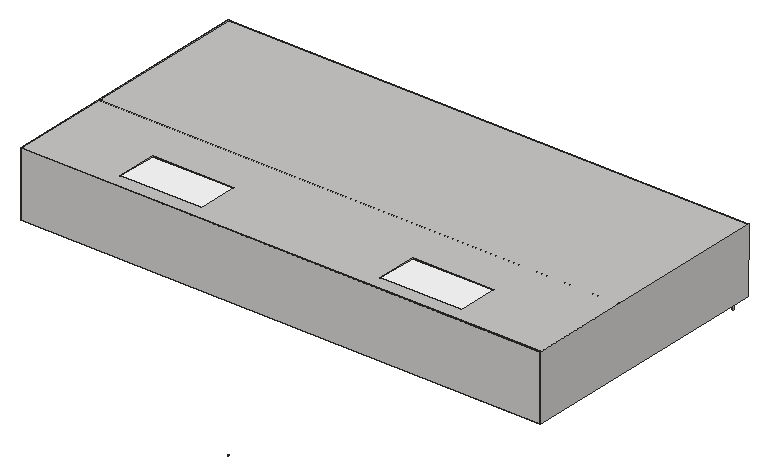
Revit family "QF_ELECTROLUXPROFESSIONAL_640206_EPF1632", category Specialty Equipment, Revit 2014
Reference planes
  plane 1: z = 0
  plane 2 "Center (Left/Right)": x = 150
  plane 3 "LEFT": x = -1450
  plane 4 "RIGHT": x = 1750
  plane 5 "BACK": y = 550
  plane 6 "TOP": z = 2400
  plane 7 "Base": z = 2000
  plane 8: z = 1970
  plane 9 "DrainY": y = 450
  plane 10: x = -1447
  plane 11: y = -720
  plane 12: y = -970
  plane 13 "DrainX": x = 1737
  plane 14 "AOLeft2": x = -400
  plane 15 "AORight1": x = 700
  plane 16: x = 1747
  plane 17: x = -1250
  plane 18: x = 1550
  plane 19: through (0, -449.6, 2399.19) normal (0, -0.5736, 0.8192)
  plane 20: x = 50
  plane 21: x = 250
  plane 22 "Center (Front/Back)": y = -250
  plane 23 "Front": y = -1050
  plane 24 "AOLeft1": x = -900
  plane 25 "AORight2": x = 1200
Forms (mm)
  Extrusion 1, solid, material "QF_Finishes_Stainless Steel"
    sketch origin (-1450, 0, 360) x (0, 1, 0) y (0, 0, 1)
      loop
        line (550, 1640) -> (550, 2040) -> (-1050, 2040) -> (-1050, 1640) -> (550, 1640)
    from 0 to 3
  Extrusion 2, solid, material "QF_Finishes_Stainless Steel"
    sketch origin (1750, 0, 360) x (0, 1, 0) y (0, 0, 1)
      loop
        line (550, 1640) -> (550, 2040) -> (-1050, 2040) -> (-1050, 1640) -> (550, 1640)
    from 0 to -3
  Extrusion 3, solid, material "QF_Finishes_Stainless Steel"
    sketch origin (150, 0, 360) x (0, 1, 0) y (0, 0, 1)
      loop
        line (-1050, 2040) -> (-1050, 1640) -> (-1040, 1640) -> (-1040, 1640.8) -> (-1049.2, 1640.8) -> (-1049.2, 2039.19) -> (549.2, 2039.19) -> (549.2, 1640.8) -> (540, 1640.8) -> (540, 1640) -> (550, 1640) -> (550, 2040) -> (-1050, 2040)
    from -1600 to 1600
  Extrusion 4, solid, material "QF_Finishes_Stainless Steel"
    sketch origin (0, 0, 2000) x (0, 1, 0) y (-1, 0, 0)
      loop
        circle (450, -1737) r 4.763
    from -30 to 0
  Extrusion 5, void
    sketch origin (0, 0, 2400) x (0, 1, 0) y (-1, 0, 0)
      loop
        line (-720, 400) -> (-720, 900) -> (-970, 900) -> (-970, 400) -> (-720, 400)
    from 0 to -10
  Extrusion 6, solid, material "QF_Finishes_Stainless Steel"
    sketch origin (0, 0, 0) x (1, 0, 0) y (0, 1, 0)
      loop
        line (-1450, 550) -> (-1450, 549) -> (-1449, 549) -> (-1449, 550) -> (-1450, 550)
    from 0 to 1
  Extrusion 7, solid, material "QF_Finishes_Stainless Steel"
    sketch origin (150, 0, 360) x (0, 1, 0) y (0, 0, 1)
      loop
        line (-531.515, 1981.832) -> (-534.381, 1985.926) -> (-973.276, 1678.608) -> (-970.553, 1674.415) -> (-531.515, 1981.832)
    from -1400 to -1597
  Extrusion 8, solid, material "QF_Finishes_Stainless Steel"
    sketch origin (150, 0, 360) x (0, 1, 0) y (0, 0, 1)
      loop
        line (-1050, 2039.19) -> (-1050, 1640) -> (-1019.702, 1640) -> (-970.553, 1674.415) -> (-978.723, 1686.995) -> (-979.394, 1686.559) -> (-971.645, 1674.627) -> (-1019.955, 1640.8) -> (-1049.2, 1640.8) -> (-1049.2, 2039.19) -> (-1050, 2039.19)
      loop
        line (-449.6, 2039.19) -> (-450.995, 2039.19) -> (-531.319, 1982.947) -> (-539.464, 1994.578) -> (-540.119, 1994.12) -> (-531.515, 1981.832) -> (-449.6, 2039.19)
    from -1597 to 1597
  Extrusion 9, solid, material "QF_Finishes_Stainless Steel"
    sketch origin (150, 0, 360) x (0, 1, 0) y (0, 0, 1)
      loop
        line (-531.515, 1981.832) -> (-534.381, 1985.926) -> (-973.276, 1678.608) -> (-970.553, 1674.415) -> (-531.515, 1981.832)
    from 1597 to 1400
  Extrusion 10, solid, material "QF_Finishes_Stainless Steel"
    sketch origin (150, 0, 360) x (0, 1, 0) y (0, 0, 1)
      loop
        line (-531.515, 1981.832) -> (-534.381, 1985.926) -> (-973.276, 1678.608) -> (-970.553, 1674.415) -> (-531.515, 1981.832)
    from -100 to 100
  Extrusion 11, solid, material "QF_Finished_Chrome"
    sketch origin (150, 0, 360) x (0, 1, 0) y (0, 0, 1)
      loop
        line (-531.515, 1981.832) -> (-534.381, 1985.926) -> (-973.276, 1678.608) -> (-970.553, 1674.415) -> (-531.515, 1981.832)
    from -1400 to -100
  Extrusion 12, solid, material "QF_Finished_Chrome"
    sketch origin (150, 0, 360) x (0, 1, 0) y (0, 0, 1)
      loop
        line (-531.515, 1981.832) -> (-534.381, 1985.926) -> (-973.276, 1678.608) -> (-970.553, 1674.415) -> (-531.515, 1981.832)
    from 100 to 1400
  Sweep 13, solid, material "QF_Finishes_Stainless Steel"
    path origin (0, 0, 0) x (1, 0, 0) y (0, 1, 0)
      loop
        line (1750, 550) -> (-1450, 550) -> (-1450, -1050) -> (1750, -1050) -> (1750, 550)
    profile origin (1750, -250, 0) x (1, 0, 0) y (0, 0, 1)
      loop
        line (-3, 2000) -> (-3, 2000.8) -> (-19, 2000.8) -> (-19, 2010) -> (-20, 2010) -> (-20, 2000) -> (-3, 2000)
  Extrusion 14, solid, material "QF_Finishes_Stainless Steel"
    sketch origin (150, 0, 0) x (0, 1, 0) y (0, 0, 1)
      loop
        line (108.687, 2305.487) -> (549.2, 2040.8) -> (549.2, 2041.733) -> (109.285, 2306.061) -> (-443.438, 2399.19) -> (-445.739, 2399.19) -> (108.687, 2305.487)
    from -1597 to 1597
  Extrusion 15, void
    sketch origin (0, 0, 2400) x (0, 1, 0) y (-1, 0, 0)
      loop
        line (-720, -1200) -> (-720, -700) -> (-970, -700) -> (-970, -1200) -> (-720, -1200)
    from 0 to -10
Cuts and joins
  Extrusion 5, Extrusion 15 cuts Extrusion 3
  joined: Extrusion 2, Extrusion 3, Sweep 13
Lines and regions (mm)
  symbolic lines, style "SpecialityEquipment", detail levels coarse
    curve 1: line (1750, 550, 2400) -> (-1450, 550, 2400)
    curve 2: line (-1450, 550, 2400) -> (-1450, -1050.8, 2400)
    curve 3: line (1750, -1050.8, 2400) -> (1750, 550, 2400)
    curve 4: line (-1450, 550, 0) -> (1750, -1050, 0)
    curve 5: line (1750, 550, 0) -> (-1450, -1050, 0)
  symbolic lines, detail levels coarse
    curve 6: line (-1450, -1050, 0) -> (1750, -1050, 0)
    curve 7: line (-400, -720, 0) -> (-900, -720, 0)
    curve 8: line (-400, -970, 0) -> (-400, -720, 0)
    curve 9: line (-900, -970, 0) -> (-400, -970, 0)
    curve 10: line (-900, -720, 0) -> (-900, -970, 0)
    curve 11: line (1200, -720, 0) -> (700, -720, 0)
    curve 12: line (1200, -970, 0) -> (1200, -720, 0)
    curve 13: line (700, -970, 0) -> (1200, -970, 0)
    curve 14: line (700, -720, 0) -> (700, -970, 0)
Dimensions and locks
  plane 3 "LEFT" to plane 4 "RIGHT" = 3200 mm
  equal spacing: plane 3 "LEFT", plane 2 "Center (Left/Right)", plane 4 "RIGHT"
  plane 7 "Base" to plane 8 = 30 mm
  plane 5 "BACK" to plane 9 "DrainY" = 100 mm  (x2)
  plane 3 "LEFT" to plane 10 = 3 mm
  plane 13 "DrainX" to plane 4 "RIGHT" = 13 mm
  plane 16 to plane 4 "RIGHT" = 3 mm
  plane 3 "LEFT" to plane 17 = 200 mm
  plane 18 to plane 4 "RIGHT" = 200 mm
  locked: plane 14 "AOLeft2" to plane 15 "AORight1" at 1100
  equal spacing: plane 14 "AOLeft2", plane 2 "Center (Left/Right)", plane 15 "AORight1"
  locked: plane 7 "Base" to level at 2000
  locked: plane 6 "TOP" to plane 7 "Base" at 400
  locked: plane 20 to plane 21 at 200
  equal spacing: plane 20, plane 2 "Center (Left/Right)", plane 21
  locked: plane 11 to plane 12 at 250
  plane 5 "BACK" to plane 23 "Front" = 1600 mm  (x2)
  equal spacing: plane 5 "BACK", plane 22 "Center (Front/Back)", plane 23 "Front"
  plane 12 to plane 23 "Front" = 80 mm
  plane 24 "AOLeft1" to plane 14 "AOLeft2" = 500 mm
  plane 15 "AORight1" to plane 25 "AORight2" = 500 mm
  aligned and locked: level to plane 1
  aligned and locked: plane 4 "RIGHT" to Extrusion 3
  aligned and locked: Extrusion 3 to plane 3 "LEFT"
  aligned and locked: Extrusion 5 to plane 12
  aligned and locked: Extrusion 5 to plane 11
  aligned and locked: Extrusion 7 to plane 10
  aligned and locked: Extrusion 7 to plane 17
  aligned and locked: Extrusion 2 to plane 16
  aligned and locked: plane 16 to Extrusion 9
  aligned and locked: plane 18 to Extrusion 9
  aligned and locked: Extrusion 10 to plane 21
  aligned and locked: Extrusion 10 to plane 20
  aligned and locked: Extrusion 11 to plane 20
  aligned and locked: plane 17 to Extrusion 11
  aligned and locked: Extrusion 12 to plane 21
  aligned and locked: Extrusion 12 to plane 18
  aligned and locked: Extrusion 14 to plane 10
  aligned and locked: plane 16 to Extrusion 14
  aligned and locked: Extrusion 8 to plane 10
  aligned and locked: Extrusion 8 to plane 16
  aligned and locked: Extrusion 1 to plane 23 "Front"
  aligned and locked: Extrusion 5 to plane 24 "AOLeft1"
  aligned and locked: Extrusion 5 to plane 14 "AOLeft2"
  aligned and locked: plane 15 "AORight1" to Extrusion 15
  aligned and locked: plane 25 "AORight2" to Extrusion 15
Automatic sketch dimensions
  curve 6 to plane 3 "LEFT" = 0 mm
  curve 4 to plane 3 "LEFT" = 0 mm
  curve 5 to plane 4 "RIGHT" = 0 mm
  curve 6 to plane 4 "RIGHT" = 0 mm
  curve 4 to plane 23 "Front" = 0 mm
  curve 5 to plane 5 "BACK" = 0 mm
  curve 4 to plane 5 "BACK" = 0 mm
  curve 2 to plane 3 "LEFT" = 0 mm
  curve 3 to plane 4 "RIGHT" = 0 mm
  curve 2 to plane 5 "BACK" = 0 mm
  curve 3 to plane 23 "Front" = 0.8 mm
  curve 2 to plane 23 "Front" = 0.8 mm
  Extrusion 1 sketch curve to plane 7 "Base" = 0 mm
  Extrusion 1 sketch curve to plane 23 "Front" = 0 mm
  Extrusion 1 sketch curve to plane 5 "BACK" = 0 mm
  Extrusion 1 sketch curve to plane 6 "TOP" = 0 mm
  Extrusion 2 sketch curve to plane 7 "Base" = 0 mm
  Extrusion 2 sketch curve to plane 23 "Front" = 0 mm
  Extrusion 2 sketch curve to plane 5 "BACK" = 0 mm
  Extrusion 2 sketch curve to plane 6 "TOP" = 0 mm
  Extrusion 3 sketch curve to plane 6 "TOP" = 0 mm
  Extrusion 3 sketch curve to plane 23 "Front" = 0 mm
  Extrusion 3 sketch curve to plane 7 "Base" = 0 mm  (x2)
  Extrusion 3 sketch curve to plane 5 "BACK" = 0 mm
  plane 23 "Front" to Extrusion 3 sketch curve = 0.8 mm
  Extrusion 3 sketch curve to Extrusion 3 sketch curve = 9.2 mm
  plane 7 "Base" to Extrusion 3 sketch curve = 0.8 mm  (x2)
  Extrusion 3 sketch curve to plane 5 "BACK" = 10 mm
  Extrusion 3 sketch curve to plane 5 "BACK" = 0.8 mm
  Extrusion 3 sketch curve to plane 6 "TOP" = 0.81 mm
  Extrusion 4 sketch curve to plane 9 "DrainY" = 0 mm
  Extrusion 4 sketch curve to plane 13 "DrainX" = 0 mm
  Extrusion 5 sketch curve to plane 12 = 0 mm
  plane 11 to Extrusion 5 sketch curve = 0 mm
  Extrusion 5 sketch curve to plane 14 "AOLeft2" = 0 mm
  Extrusion 5 sketch curve to plane 24 "AOLeft1" = 0 mm
  Extrusion 6 sketch curve to plane 3 "LEFT" = 0 mm
  Extrusion 6 sketch curve to plane 5 "BACK" = 0 mm
  plane 3 "LEFT" to Extrusion 6 sketch curve = 1 mm
  Extrusion 6 sketch curve to Extrusion 6 sketch curve = 1 mm
  Extrusion 7 sketch curve to plane 19 = 0 mm  (x2)
  Extrusion 7 sketch curve to plane 12 = 3.276 mm
  Extrusion 7 sketch curve to plane 12 = 0.553 mm
  Extrusion 7 sketch curve to plane 6 "TOP" = 54.074 mm
  Extrusion 7 sketch curve to plane 11 = 185.619 mm
  Extrusion 8 sketch curve to plane 23 "Front" = 0 mm
  Extrusion 8 sketch curve to plane 7 "Base" = 0 mm
  Extrusion 8 sketch curve to plane 19 = 0 mm  (x4)
  plane 23 "Front" to Extrusion 8 sketch curve = 0.8 mm
  Extrusion 8 sketch curve to Extrusion 8 sketch curve = 0.252 mm
  Extrusion 8 sketch curve to plane 12 = 9.394 mm
  Extrusion 8 sketch curve to Extrusion 8 sketch curve = 0.671 mm
  Extrusion 8 sketch curve to plane 12 = 1.645 mm
  Extrusion 8 sketch curve to plane 12 = 0.553 mm
  Extrusion 8 sketch curve to plane 6 "TOP" = 45.88 mm
  Extrusion 8 sketch curve to plane 11 = 179.881 mm
  Extrusion 8 sketch curve to plane 6 "TOP" = 45.422 mm
  Extrusion 8 sketch curve to plane 6 "TOP" = 57.053 mm
  Extrusion 8 sketch curve to plane 6 "TOP" = 0.81 mm  (x2)
  plane 7 "Base" to Extrusion 8 sketch curve = 0.8 mm
  Extrusion 8 sketch curve to Extrusion 8 sketch curve = 0.212 mm
  Extrusion 9 sketch curve to plane 19 = 0 mm  (x2)
  Extrusion 9 sketch curve to plane 12 = 3.276 mm
  Extrusion 9 sketch curve to plane 12 = 0.553 mm
  Extrusion 9 sketch curve to plane 6 "TOP" = 54.074 mm
  Extrusion 9 sketch curve to plane 11 = 185.619 mm
  Extrusion 10 sketch curve to plane 19 = 0 mm  (x2)
  Extrusion 10 sketch curve to plane 12 = 3.276 mm
  Extrusion 10 sketch curve to plane 12 = 0.553 mm
  Extrusion 10 sketch curve to plane 6 "TOP" = 54.074 mm
  Extrusion 10 sketch curve to plane 11 = 185.619 mm
  Extrusion 11 sketch curve to plane 19 = 0 mm  (x2)
  Extrusion 11 sketch curve to plane 12 = 3.276 mm
  Extrusion 11 sketch curve to plane 12 = 0.553 mm
  Extrusion 11 sketch curve to plane 6 "TOP" = 54.074 mm
  Extrusion 11 sketch curve to plane 11 = 185.619 mm
  Extrusion 12 sketch curve to plane 19 = 0 mm  (x2)
  Extrusion 12 sketch curve to plane 12 = 3.276 mm
  Extrusion 12 sketch curve to plane 12 = 0.553 mm
  Extrusion 12 sketch curve to plane 6 "TOP" = 54.074 mm
  Extrusion 12 sketch curve to plane 11 = 185.619 mm
  Sweep 13 sketch curve to plane 3 "LEFT" = 0 mm
  Sweep 13 sketch curve to plane 4 "RIGHT" = 0 mm
  Sweep 13 sketch curve to plane 23 "Front" = 0 mm
  Sweep 13 sketch curve to plane 5 "BACK" = 0 mm
  profile plane to Sweep 13 sketch curve = 20 mm
  Sweep 13 sketch curve to Sweep 13 sketch curve = 1 mm
  profile plane to Sweep 13 sketch curve = 3 mm
  level to Sweep 13 sketch curve = 2000 mm
  Sweep 13 sketch curve to Sweep 13 sketch curve = 0.8 mm
  Sweep 13 sketch curve to Sweep 13 sketch curve = 9.2 mm
  Extrusion 14 sketch curve to plane 6 "TOP" = 0.81 mm
  Extrusion 14 sketch curve to plane 22 "Center (Front/Back)" = 195.739 mm
  Extrusion 14 sketch curve to Extrusion 14 sketch curve = 2.3 mm
  Extrusion 14 sketch curve to plane 6 "TOP" = 94.513 mm
  Extrusion 14 sketch curve to plane 9 "DrainY" = 341.313 mm
  Extrusion 14 sketch curve to plane 6 "TOP" = 93.939 mm
  Extrusion 14 sketch curve to Extrusion 14 sketch curve = 0.598 mm
  Extrusion 14 sketch curve to plane 5 "BACK" = 0.8 mm
  plane 7 "Base" to Extrusion 14 sketch curve = 41.733 mm
  Extrusion 14 sketch curve to Extrusion 14 sketch curve = 0.933 mm
  Extrusion 15 sketch curve to plane 12 = 0 mm
  plane 11 to Extrusion 15 sketch curve = 0 mm
  Extrusion 15 sketch curve to plane 14 "AOLeft2" = 1600 mm
  plane 24 "AOLeft1" to Extrusion 15 sketch curve = 1600 mm
  plane 11 to curve 7 = 0 mm
  curve 8 to plane 12 = 0 mm
  curve 8 to plane 14 "AOLeft2" = 0 mm
  curve 9 to plane 24 "AOLeft1" = 0 mm
  plane 11 to curve 11 = 0 mm
  curve 11 to plane 15 "AORight1" = 0 mm
  curve 12 to plane 12 = 0 mm
  curve 12 to plane 25 "AORight2" = 0 mm
  radius of Extrusion 4 sketch curve = 4.763 mm
Connectors
  piping at (1737, 450, 1970), diameter 9.5
    settings: on Extrusion 4, index 1, connector inside diameter 609.6 mm, connector length 0 mm, flow factor 0, pipe flow 0.0 L/s, pressure drop 0.0 Pa, fitting loss kfactor 0, connector angle 0.00°, fixture units 0, engagement length 0 mm, angle of deflection 0.00°, flow configuration 1, flow direction 2, fitting loss method 0, system type 16, joint type 0, gender type 0, connector reference index -1, connector utility 0, adjustable connector no, is connector primary yes, connector description "Drain"
  hvac at (-650, -845, 2400)
    settings: on Extrusion 5, index 2, duct flow 0.0 L/s, flow factor 0, pres drop 0.0 Pa, loss coef 0, conn angle 0.00°, conn width 250 mm, conn height 500 mm, conn diameter 609.6 mm, duct sys type 3, conn prof type 1, flow config 1, flow direction 0, loss method 0, conn ref index -1, conn util no, is conn primary yes, conn desc "EXHAUST OUTLET"
  hvac at (950, -845, 2400)
    settings: on Extrusion 15, index 3, duct flow 0.0 L/s, flow factor 0, pres drop 0.0 Pa, loss coef 0, conn angle 0.00°, conn width 250 mm, conn height 500 mm, conn diameter 609.6 mm, duct sys type 3, conn prof type 1, flow config 1, flow direction 2, loss method 0, conn ref index -1, conn util no, is conn primary no, conn desc "EXHAUST OUTLET"
